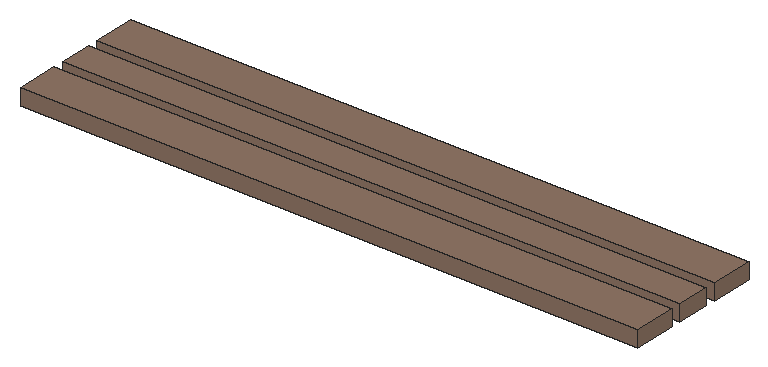
Revit family "Ekeby Wall Top", category Furniture, Revit 2020
Family settings
  OmniClass Number = 23.21.23.13.15
  Work Plane-Based = No
  Always vertical = Yes
  Cut with Voids When Loaded = No
  Shared = No
  Room Calculation Point = No
Parameters (values of type "8042424 Bark Brown/ Galvanized")
  Uniclass 1.4 Description = "Furniture"
  Uniclass 1.4 Code = "L8211"
  URL = "https://www.hags.com/"
  QR code = "https://www.hags.com/park-bench-ekeby-2"
  Product url = "https://hags.se/sv-se/park-stad/mobelgrupper-for-park-stadsmiljo/sofiero/soffa-sofiero/not-applicable-fristaaende-not-applicable-oct-2012-barkbrun-galv"
  Product name = "Ekeby Wall Top"
  Product data url = ""
  Product SKU = "Bench_Ekeby_Detached"
  Product Guid = "90e49432-c870-4a59-897e-b15016e8f9bd"
  OmniClass Description = "Residential Sofas"
  OmniClass Code = "23-21 23 13 15"
  Model = "8098582"
  Manufacturer name = "HAGS"
  Manufacturer = "Hags"
  IFC Classification = "Furniture"
  Edition number = 1
  Description = "Ekeby Wall Top"  # constant formula
  Default Elevation = 0 mm
  Construction material = Hags - Steel - Galvanized
  Body material_90 = Hags - Wood - Bark brown 90
  Body material = Hags - Wood - Bark brown
  BIMobject category = "Bench & Park Bench"
Reference planes
  plane 1 "Center (Front/Back)": y = 0
  plane 2: z = 0
  plane 3 "Center (Left/Right)": x = 0
Forms (mm)
  Extrusion 1, solid, material "Hags - Wood - Bark brown" <- "Body material"
    sketch origin (0, -440, 0) x (1, 0, 0) y (0, 1, 0)
      loop
        line (-863.895, -633.071) -> (-863.895, -753.071) -> (896.105, -753.071) -> (896.105, -633.071) -> (-863.895, -633.071)
    from 0 to 45
  Extrusion 2, solid, material "Hags - Wood - Bark brown" <- "Body material"
    sketch origin (0, -317, 0) x (1, 0, 0) y (0, 1, 0)
      loop
        line (-863.895, -633.071) -> (-863.895, -726.071) -> (896.105, -726.071) -> (896.105, -633.071) -> (-863.895, -633.071)
    from 0 to 45
  Extrusion 3, solid, material "Hags - Wood - Bark brown" <- "Body material"
    sketch origin (0, -167, 0) x (1, 0, 0) y (0, 1, 0)
      loop
        line (-863.895, -633.071) -> (-863.895, -753.071) -> (896.105, -753.071) -> (896.105, -633.071) -> (-863.895, -633.071)
    from 0 to 45
  Extrusion 4, solid, material "Hags - Steel - Galvanized" <- "Construction material"
    sketch origin (83.347, -178.517, -8.75) x (1, 0, 0) y (0, 1, 0)
      loop
        line (-867.242, -641.554) -> (-867.242, -991.554) -> (-767.242, -991.554) -> (-767.242, -641.554) -> (-867.242, -641.554)
    from 0 to 10
  Extrusion 5, solid, material "Hags - Steel - Galvanized" <- "Construction material"
    sketch origin (1593.347, -178.517, -9.862) x (1, 0, 0) y (0, 1, 0)
      loop
        line (-867.242, -641.554) -> (-867.242, -991.554) -> (-767.242, -991.554) -> (-767.242, -641.554) -> (-867.242, -641.554)
    from 0 to 10
Dimensions and locks
  aligned and locked: level to plane 2
